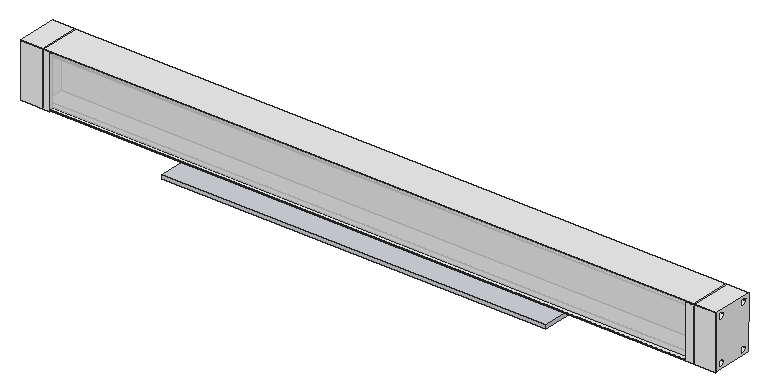
Revit family
Parameters (values of type "WBWLED-B3-MF-500-80-35-S-4-W")
  With Multiple Lamps = Length > 288"  # no
  With Additional Lamp = Length > 144"  # no
  Wattage = 19.2308 W
  built-in parameter 1150110 = 1 (stored number, unit not read)
  Voltage = 120 V
  URL = "http://www.axislighting.com/CMS/itemsDetail_nm_acc_LED.php?187"
  built-in parameter 1114217 = 1 (stored number, unit not read)
  Tilt Angle = 90.00°
  built-in parameter 1150109 = 1 (stored number, unit not read)
  built-in parameter 1150134 = (empty or 0)
  built-in parameter 1150113 = 1 (stored number, unit not read)
  Reflector Finish = Steel - Axis - White Powder Coated
  Product ID = "WBWLED"
  Photometric Web File = "WBWLED-500-80-35-S.ies"
  Partial Optics Length = Optics Length / 2  # 12 63/64"
  Other = ""
  Optics Length = if(Length < 300", (Fixture Length - Connector Length) / Optics Configuration, (Fixture Length - (Connector Length * Connector Configuration)) / Optics Configuration)  # 25 31/32"
  Optics Finish = Acrylic - Axis - Satin
  Optics Configuration = if(Length < 300", 2, if(Length < 444", 3, if(Length < 588", 4, 2)))  # 2
  Number of Lamps = Length / 12"  # 4
  Mounting Distance = 3/8"  # constant formula
  Model = "Wet Beam4 LED"
  Manufacturer = "Axis Lighting"
  built-in parameter 1150105 = 159.15 (stored number, unit not read)
  Lumens = 2000 lm
  built-in parameter 1150115 = 1 (stored number, unit not read)
  built-in parameter 1150137 = (empty or 0)
  built-in parameter 1150139 = (empty or 0)
  Length = 48"
  Lamp Wattage = 5.5 VA
  built-in parameter 1150112 = 1 (stored number, unit not read)
  built-in parameter 1150114 = 1 (stored number, unit not read)
  Lamp Distance = if(Length > 144", Optics Length, Fixture Length)  # 52 5/16"
  Lamp Configuration = if(Length > 432", 3, 2)  # 2
  Lamp = "LED"
  Keynote = "16510"
  built-in parameter 1150132 = 2
  built-in parameter 1150102 = (empty or 0)
  built-in parameter 1150107 = 3500 (stored number, unit not read)
  built-in parameter 1150138 = (empty or 0)
  built-in parameter 1150106 = 1.5915 (stored number, unit not read)
  IC Controls = ""
  Housing Finish = Aluminum - Axis - White
  Has Single Optics = Length < 156"  # yes
  Has Single Connector = and(Length < 300", Length > 144")  # no
  Has Multiple Optics = Length > 144"  # no
  Has Multiple Connectors = Length > 288"  # no
  Fixture Width = 4"  # constant formula
  Fixture Length = Length + 1" + End Cap Length  # 52 5/16"
  Fixture Depth = 3 3/8"  # constant formula
  End Cap Length = 3 5/16"  # constant formula
  built-in parameter 1150104 = 9.6619 (stored number, unit not read)
  Dimming Lamp Color Temperature Shift = (empty or 0)
  Description = "LED Wall Mount Lighting Fixture with Satin Lens"
  Default Elevation = 48"
  Custom = ""
  Connector Length = 3/8"  # constant formula
  Connector Distance = if(Length < 300", (Optics Length / 2) + (Connector Length / 2), Optics Length + (Connector Length / 2))  # 13 11/64"
  Connector Configuration = if(Length < 444", 2, if(Length < 588", 3, 2))  # 2
  Config = 1
  Color Filter = 16777215
  Circuit = 1
  built-in parameter 1114218 = 1 (stored number, unit not read)
  built-in parameter 1150133 = 10 (stored number, unit not read)
  Assembly Code = "D5020200"
  Apparent Load = Lamp Wattage * Number of Lamps  # 22 VA
Types (5): name | Wattage | Partial Optics Length | Optics Length | Number of Lamps | built-in parameter 1150105 | Lumens | Length | Lamp Distance | built-in parameter 1150106 | Fixture Length | Connector Distance | Apparent Load
  (no name) | 19.2308 W | 12 63/64" | 25 31/32" | 4 | 159.15 (stored number, unit not read) | 2000 lm | 48" | 52 5/16" | 1.5915 (stored number, unit not read) | 52 5/16" | 13 11/64" | 22 VA
  WBWLED-B3-MF-500-80-35-S-2-W | 9.61538 W | 6 63/64" | 13 31/32" | 2 | 79.577 (stored number, unit not read) | 1000 lm | 24" | 28 5/16" | 0.79577 (stored number, unit not read) | 28 5/16" | 7 11/64" | 11 VA
  WBWLED-B3-MF-500-80-35-S-3-W | 14.4231 W | 9 63/64" | 19 31/32" | 3 | 119.37 (stored number, unit not read) | 1500 lm | 36" | 40 5/16" | 1.1937 (stored number, unit not read) | 40 5/16" | 10 11/64" | 16.5 VA
  WBWLED-B3-MF-500-80-35-S-4-W | 19.2308 W | 12 63/64" | 25 31/32" | 4 | 159.15 (stored number, unit not read) | 2000 lm | 48" | 52 5/16" | 1.5915 (stored number, unit not read) | 52 5/16" | 13 11/64" | 22 VA
  WBWLED-B3-MF-500-80-35-S-5-W | 24.0385 W | 15 63/64" | 31 31/32" | 5 | 198.94 (stored number, unit not read) | 2500 lm | 60" | 64 5/16" | 1.9894 (stored number, unit not read) | 64 5/16" | 16 11/64" | 27.5 VA
Reference planes (in)
  plane 1 "Center (Front/Back)": y = 0
  plane 2: z = 0
  plane 3 "Center (Left/Right)": x = 0
  plane 4 "Fixture Length Total Left": x = -26.15625
  plane 5 "Fixture Length Total Right": x = 26.15625
  plane 6: z = 0.375
  plane 7: x = -13.17187
  plane 8: x = 13.17188
  plane 9: x = -24.5
  plane 10: x = 24.5
  plane 11: x = 23.5
  plane 12: x = -23.5
  plane 13: x = -0.1875
  plane 14: x = 0.1875
  plane 15: x = -12.98437
  plane 16: x = 12.98438
  plane 17: x = -26.15625
  plane 18: x = 26.15625
  plane 19: x = 0
  plane 20: x = 26.15625
  plane 21: x = -26.15625
  plane 22: x = 0
  plane 23: x = -51.65625
  plane 24: x = 26.53125
  plane 25: x = 26.34375
  plane 26: x = 78.84375
  plane 27: x = 52.6875
  plane 28: x = 79.21875
  plane 29: x = 79.03125
  plane 30: x = -26.34375
  plane 31: x = -26.53125
  plane 32: z = 4.375
  plane 33: z = 2.375
  plane 34: y = -3.375
  plane 35: y = -2.35938
  plane 36: y = -0.91406
Forms (in)
  Extrusion 1, solid
    sketch origin (0, 0, 0) x (1, 0, 0) y (0, 1, 0)
      loop
        line (-14.4375, 4.70508) -> (-14.4375, -4.70508) -> (14.4375, -4.70508) -> (14.4375, 4.70508) -> (-14.4375, 4.70508)
    from 0 to -0.25
Dimensions and locks (in)
  "Fixture Length": plane 4 "Fixture Length Total Left" to plane 5 "Fixture Length Total Right"
  equal spacing: plane 4 "Fixture Length Total Left", plane 3 "Center (Left/Right)", plane 5 "Fixture Length Total Right"
  "Mounting Distance": plane 6 to plane 2
  "Partial Optics Length": plane 4 "Fixture Length Total Left" to plane 7
  "Partial Optics Length": plane 8 to plane 5 "Fixture Length Total Right"
  locked: plane 4 "Fixture Length Total Left" to plane 9 at 1.65625
  locked: plane 10 to plane 5 "Fixture Length Total Right" at 1.65625
  locked: plane 9 to plane 12 at 1
  locked: plane 11 to plane 10 at 1
  "Connector Length": plane 13 to plane 14
  equal spacing: plane 13, plane 3 "Center (Left/Right)", plane 14
  "Connector Distance": plane 4 "Fixture Length Total Left" to plane 15
  "Connector Distance": plane 16 to plane 5 "Fixture Length Total Right"
  group 1 to group 2 = 26 11/32"
  group 1 to group 2 = 0"  (x2)
  "Lamp Distance": plane 17 to plane 18
  equal spacing: plane 17, plane 19, plane 18
  "Lamp Distance": plane 20 to plane 21
  equal spacing: plane 20, plane 22, plane 21
  "Connector Length": plane 18 to plane 24
  equal spacing: plane 18, plane 25, plane 24
  "Connector Length": plane 26 to plane 28
  equal spacing: plane 26, plane 29, plane 28
  "Lamp Distance": plane 24 to plane 26
  equal spacing: plane 24, plane 27, plane 26
  "Connector Length": plane 31 to plane 21
  equal spacing: plane 31, plane 30, plane 21
  group 3 to group 4 = 52 11/16"
  group 3 to group 4 = 0"  (x2)
  "Fixture Width": plane 32 to plane 6
  equal spacing: plane 32, plane 33, plane 6
  "Fixture Depth": plane 1 "Center (Front/Back)" to plane 34
  locked: plane 35 to plane 34 at 1.01562
  locked: plane 1 "Center (Front/Back)" to plane 36 at 0.91406
  group 6 to group 5 = 25 31/32"
  group 5 to group 6 = 0"  (x2)
  aligned and locked: plane 2 to Extrusion 1
  aligned and locked: level to Extrusion 1
  aligned and locked: plane 1 "Center (Front/Back)" to nested 1
  aligned and locked: plane 3 "Center (Left/Right)" to nested 1
  aligned and locked: plane 1 "Center (Front/Back)" to nested 2
  aligned and locked: plane 7 to nested 2
  aligned and locked: plane 3 "Center (Left/Right)" to nested 3
  aligned and locked: plane 8 to nested 4
  aligned and locked: plane 1 "Center (Front/Back)" to nested 4
  aligned and locked: plane 17 to plane 4 "Fixture Length Total Left"
  aligned and locked: plane 5 "Fixture Length Total Right" to plane 20
  aligned and locked: plane 19 to imposter light
  aligned and locked: nested 5 to plane 22
  aligned and locked: nested 6 to plane 22
  aligned and locked: plane 27 to nested 7
  aligned and locked: plane 35 to imposter light
  aligned and locked: imposter light to plane 33
  aligned and locked: plane 35 to nested 6
  aligned and locked: plane 35 to nested 7
  aligned and locked: plane 33 to nested 7
  aligned and locked: plane 33 to nested 6
  aligned and locked: plane 33 to nested 3
  aligned and locked: nested 3 to plane 36
  aligned and locked: nested 8 to plane 16
  aligned and locked: plane 33 to nested 8
  aligned and locked: nested 8 to plane 36
  aligned and locked: plane 15 to nested 9
  aligned and locked: plane 33 to nested 9
  aligned and locked: nested 9 to plane 36
  aligned and locked: level to nested 10
  aligned and locked: nested 10 to plane 3 "Center (Left/Right)"
Automatic sketch dimensions
  Extrusion 1 sketch curve to Extrusion 1 sketch curve = 28 7/8"
  Extrusion 1 sketch curve to Extrusion 1 sketch curve = 9 105/256"
Nested families (in)
  nested 1: "WBWLED" at (0, 0, 0), visible <- "Has Single Optics", type "Single"
    with Length 52 5/16"
  nested 2: "WBWLED" at (-13.17188, 0, 0), visible <- "Has Multiple Optics", type "Array"
    with Length 25 31/32"
  nested 3: "WBWLED-Connector" at (0, -1.84531, 2.375), visible <- "Has Single Connector", type "Single"
  nested 4: "WBWLED" at (13.17187, 0, 0), visible <- "Has Multiple Optics", type "Array"
    with Length 25 31/32"
  nested 5: "WBWLED-Light" at (0, 0, 0), visible <- "With Additional Lamp", type "Light Additional"
  nested 6: "WBWLED-Light" at (0, -0.375, 0), visible <- "With Multiple Lamps", type "Multiple"
  nested 7: "WBWLED-Light" at (52.6875, -0.375, 0), visible <- "With Multiple Lamps", type "Multiple"
  nested 8: "WBWLED-Connector" at (12.98438, -1.84531, 2.375), visible <- "Has Multiple Connectors", type "Array"
  nested 9: "WBWLED-Connector" at (-12.98438, -1.84531, 2.375), visible <- "Has Multiple Connectors", type "Array"
  nested 10: "Lighting-Wall-Axis-Symbol" at (0, 0, 0.57422) x (-1, 0, 0) z (0, -1, 0), type "Lighting-Wall-Axis-Symbol"
    with Length 52 5/16"
Connectors (in)
  electrical at (0, 0, 2.375), driven by "Voltage", driven by "Apparent Load"
    settings: on nested 1, index 1, voltage 120 V, apparent load 0 VA, apparent load phase1 22 VA, apparent load phase2 0 VA, apparent load phase3 0 VA, power factor 1, load classification "Lighting", number of poles 1, system type 31, power factor state 1, is connector primary yes, connector utility no, sub classification motor no, connector description "Lighting Fixture Power"
Definition of nested family "WBWLED"
  Parameters (values of type "Single")
    Width = 4"
    Reflector = Steel - Axis - White Powder Coated
    Optics = Acrylic - Axis - Frosted
    Mounting Distance = 3/8"
    Length = 580 5/16"
    Housing = Aluminum - Axis - White
    Assembly Code = ""
  Types (2): name | Length
    Single | 580 5/16"
    Array | 144 51/64"
  Reference planes (in)
    plane 1 "Center (Front/Back)": y = 0
    plane 2: z = 0
    plane 3 "Center (Left/Right)": x = 0
    plane 4: x = -290.15625
    plane 5: x = 290.15625
    plane 6 "Fixrure Top": z = 0.375
    plane 7: x = -288.5
    plane 8: x = 288.5
    plane 9: x = -288.6625
    plane 10: x = 288.6625
    plane 11: x = -287.94
    plane 12: x = 287.94
    plane 13: x = -287.5
    plane 14: x = 287.5
    plane 15: y = -3.375
    plane 16: y = -3.40625
    plane 17: y = -0.3125
    plane 18: z = 4.375
    plane 19: z = 2.375
    plane 20: y = -1.70313
    plane 21: z = 2.83914
    plane 22: z = 1.91086
    plane 23: x = -284.15625
    plane 24: x = 284.15625
    plane 25: x = -285.03125
    plane 26: x = -283.28125
    plane 27: x = 283.28125
    plane 28: x = 285.03125
    plane 29: x = -289.65625
    plane 30: x = 289.65625
  Forms (in)
    Extrusion 1, solid, material "Aluminum - Axis - White" <- "Housing"
      sketch origin (0, 0, 0) x (0, 1, 0) y (0, 0, 1)
        loop
          line (-0.3125, 4.375) -> (-3.375, 4.375) -> (-3.375, 4.305) -> (-0.3825, 4.305) -> (-0.3825, 2.76914) -> (-0.07, 2.76914) -> (-0.07, 1.98086) -> (-0.3825, 1.98086) -> (-0.3825, 0.445) -> (-3.375, 0.445) -> (-3.375, 0.375) -> (-0.3125, 0.375) -> (-0.3125, 1.91086) -> (0, 1.91086) -> (0, 2.83914) -> (-0.3125, 2.83914) -> (-0.3125, 4.375)
      from -288.5 to 288.5
    Extrusion 2, solid, material "Aluminum - Axis - White" <- "Housing"
      sketch origin (0, 0, 0) x (0, 1, 0) y (0, 0, 1)
        loop
          line (-0.3125, 4.375) -> (-3.375, 4.375) -> (-3.375, 0.375) -> (-0.3125, 0.375) -> (-0.3125, 4.375)
      from -290.15625 to -288.5
    Extrusion 3, solid, material "Aluminum - Axis - White" <- "Housing"
      sketch origin (0, 0, 0) x (0, 1, 0) y (0, 0, 1)
        loop
          line (-0.3125, 4.375) -> (-3.375, 4.375) -> (-3.375, 0.375) -> (-0.3125, 0.375) -> (-0.3125, 4.375)
      from 288.5 to 290.15625
    Extrusion 4, solid, material "Aluminum - Axis - White" <- "Housing"
      sketch origin (0, 0, 0) x (0, 1, 0) y (0, 0, 1)
        loop
          line (0, 2.83914) -> (-0.3125, 2.83914) -> (-0.3125, 1.91086) -> (0, 1.91086) -> (0, 2.83914)
      from -288.6625 to -288.5
    Extrusion 5, solid, material "Aluminum - Axis - White" <- "Housing"
      sketch origin (0, 0, 0) x (0, 1, 0) y (0, 0, 1)
        loop
          line (0, 2.83914) -> (-0.3125, 2.83914) -> (-0.3125, 1.91086) -> (0, 1.91086) -> (0, 2.83914)
      from 288.5 to 288.6625
    Extrusion 6, solid, material "Aluminum - Axis - White" <- "Housing"
      sketch origin (0, 0, 0) x (0, 1, 0) y (0, 0, 1)
        loop
          line (-3.375, 4.375) -> (-3.40625, 4.375) -> (-3.40625, 0.375) -> (-3.375, 0.375) -> (-3.375, 4.375)
      from -290.15625 to -287.94
    Extrusion 7, solid, material "Aluminum - Axis - White" <- "Housing"
      sketch origin (0, 0, 0) x (0, 1, 0) y (0, 0, 1)
        loop
          line (-3.375, 4.375) -> (-3.40625, 4.375) -> (-3.40625, 0.375) -> (-3.375, 0.375) -> (-3.375, 4.375)
      from 287.94 to 290.15625
    Extrusion 8, solid, material "Aluminum - Axis - White" <- "Housing"
      sketch origin (0, 0, 0) x (0, 1, 0) y (0, 0, 1)
        loop
          line (-3.375, 4.305) -> (-3.375, 0.445) -> (-3.19041, 0.445) -> (-3.19041, 4.305) -> (-3.375, 4.305)
      from -288.5 to -287.94
    Extrusion 9, solid, material "Aluminum - Axis - White" <- "Housing"
      sketch origin (0, 0, 0) x (0, 1, 0) y (0, 0, 1)
        loop
          line (-3.375, 4.305) -> (-3.375, 0.445) -> (-3.19041, 0.445) -> (-3.19041, 4.305) -> (-3.375, 4.305)
      from 287.94 to 288.5
    Extrusion 10, solid, material "Steel - Axis - White Powder Coated" <- "Reflector", detail levels medium+fine
      sketch origin (0, 0, 0) x (0, 1, 0) y (0, 0, 1)
        loop
          line (-1.64436, 3.915) -> (-1.64436, 0.835) -> (-3.06436, 0.835) -> (-3.06436, 0.80375) -> (-1.61311, 0.80375) -> (-1.61311, 3.94625) -> (-3.06436, 3.94625) -> (-3.06436, 3.915) -> (-1.64436, 3.915)
      from -288.5 to 288.5
    Extrusion 11, solid, material "Acrylic - Axis - Frosted" <- "Optics", detail levels medium+fine
      sketch origin (0, 0, 0) x (0, 1, 0) y (0, 0, 1)
        loop
          line (-3.06436, 0.445) -> (-3.06436, 4.305) -> (-3.13936, 4.305) -> (-3.13936, 0.445) -> (-3.06436, 0.445)
      from -288.5 to 288.5
    Extrusion 12, solid, material "Aluminum - Axis - White" <- "Housing"
      sketch origin (0, 0, 0) x (0, 1, 0) y (0, 0, 1)
        loop
          line (-2.4925, 0.375) -> (-2.4925, 0) -> (0.0675, 0) -> (0.0675, 3.13)
          arc (0.0675, 3.13) -> (0.03235, 3.21485) -> (-0.0525, 3.25) r 0.12
          line (-0.0525, 3.25) -> (-0.3125, 3.25) -> (-0.3125, 2.83914) -> (0, 2.83914) -> (0, 1.91086) -> (-0.3125, 1.91086) -> (-0.3125, 0.375) -> (-2.4925, 0.375)
      from -285.03125 to -283.28125
    Extrusion 13, solid, material "Aluminum - Axis - White" <- "Housing"
      sketch origin (0, 0, 0) x (0, 1, 0) y (0, 0, 1)
        loop
          line (-2.4925, 0.375) -> (-2.4925, 0) -> (0.0675, 0) -> (0.0675, 3.13)
          arc (0.0675, 3.13) -> (0.03235, 3.21485) -> (-0.0525, 3.25) r 0.12
          line (-0.0525, 3.25) -> (-0.3125, 3.25) -> (-0.3125, 2.83914) -> (0, 2.83914) -> (0, 1.91086) -> (-0.3125, 1.91086) -> (-0.3125, 0.375) -> (-2.4925, 0.375)
      from 283.28125 to 285.03125
    Extrusion 14, void
      sketch origin (0, 0, 0) x (0, 1, 0) y (0, 0, 1)
        loop
          circle (-0.8125, 0.775) r 0.25
        loop
          circle (-0.8125, 3.975) r 0.25
        loop
          circle (-2.875, 0.775) r 0.25
        loop
          circle (-2.875, 3.975) r 0.25
      from -290.15625 to -289.65625
    Extrusion 15, void
      sketch origin (0, 0, 0) x (0, 1, 0) y (0, 0, -1)
        loop
          circle (-0.8125, -0.775) r 0.25
        loop
          circle (-0.8125, -3.975) r 0.25
        loop
          circle (-2.875, -0.775) r 0.25
        loop
          circle (-2.875, -3.975) r 0.25
      from -290.15625 to -289.65625
  Cuts and joins
    joined: Extrusion 6, Extrusion 8
    joined: Extrusion 7, Extrusion 9
    Extrusion 14 cuts Extrusion 1
    Extrusion 14, Extrusion 15 cuts Extrusion 3
    Extrusion 14 cuts Extrusion 13
    Extrusion 14, Extrusion 15 cuts Extrusion 2
  Lines and regions (in)
    model lines
      curve 1: line (0, -0.8125, 0.775) -> (0, -0.8125, 0.375)
      curve 2: line (0, -0.3125, 0.775) -> (0, -0.8125, 0.775)
      curve 3: line (0, -0.3125, 0.375) -> (0, -0.3125, 0.775)
      curve 4: line (0, -0.8125, 0.375) -> (0, -0.3125, 0.375)
  Dimensions and locks (in)
    "Length": plane 4 to plane 5
    equal spacing: plane 4, plane 3 "Center (Left/Right)", plane 5
    "Mounting Distance": plane 6 "Fixrure Top" to plane 2
    locked: plane 4 to plane 7 at 1.65625
    locked: plane 8 to plane 5 at 1.65625
    locked: plane 9 to plane 7 at 0.1625
    locked: plane 8 to plane 10 at 0.1625
    locked: plane 7 to plane 11 at 0.56
    locked: plane 12 to plane 8 at 0.56
    locked: plane 7 to plane 13 at 1
    locked: plane 14 to plane 8 at 1
    locked: plane 18 to plane 6 "Fixrure Top" at 4
    equal spacing: plane 18, plane 19, plane 6 "Fixrure Top"
    locked: plane 1 "Center (Front/Back)" to plane 15 at 3.375
    locked: plane 1 "Center (Front/Back)" to plane 17 at 0.3125
    locked: plane 15 to plane 16 at 0.03125
    locked: plane 1 "Center (Front/Back)" to Extrusion 1 sketch curve at 0.07
    locked: plane 17 to Extrusion 1 sketch curve at 0.07
    locked: plane 18 to Extrusion 1 sketch curve at 0.07
    locked: Extrusion 1 sketch curve to plane 6 "Fixrure Top" at 0.07
    locked: Extrusion 8 sketch curve to plane 6 "Fixrure Top" at 0.07
    locked: plane 18 to Extrusion 8 sketch curve at 0.07
    locked: Extrusion 8 sketch curve to plane 15 at 0.18459
    locked: plane 18 to Extrusion 9 sketch curve at 0.07
    locked: Extrusion 9 sketch curve to plane 6 "Fixrure Top" at 0.07
    locked: Extrusion 9 sketch curve to plane 15 at 0.18459
    locked: Extrusion 10 sketch curve to Extrusion 10 sketch curve at 3.1425
    equal spacing: Extrusion 10 sketch curve, plane 19, Extrusion 10 sketch curve
    locked: Extrusion 10 sketch curve to Extrusion 10 sketch curve at 0.03125  (x2)
    plane 1 "Center (Front/Back)" to Extrusion 10 sketch curve to Extrusion 10 sketch curve to Extrusion 10 sketch curve = 1.61311" locked, 1/32" locked, 1.42" locked
    locked: plane 21 to plane 22 at 0.92828
    equal spacing: plane 21, plane 19, plane 22
    locked: Extrusion 11 sketch curve to plane 2 at 0.445
    locked: plane 18 to Extrusion 11 sketch curve at 0.07
    plane 1 "Center (Front/Back)" to Extrusion 11 sketch curve to Extrusion 11 sketch curve = 3.06436" locked, 0.075" locked
    locked: plane 4 to plane 23 at 6
    locked: plane 24 to plane 5 at 6
    Extrusion 12 sketch curve to plane 1 "Center (Front/Back)" to Extrusion 12 sketch curve = 0.0675" locked, 2.4925" locked
    Extrusion 12 sketch curve to Extrusion 12 sketch curve to plane 2 = 0.12" locked, 3.13" locked
    locked: plane 1 "Center (Front/Back)" to Extrusion 12 sketch curve at 0.0525
    Extrusion 13 sketch curve to plane 1 "Center (Front/Back)" to Extrusion 13 sketch curve = 0.0675" locked, 2.4925" locked
    Extrusion 13 sketch curve to Extrusion 13 sketch curve to plane 2 = 0.12" locked, 3.13" locked
    locked: plane 1 "Center (Front/Back)" to Extrusion 13 sketch curve at 0.0525
    locked: plane 25 to plane 26 at 1.75
    equal spacing: plane 25, plane 23, plane 26
    locked: plane 27 to plane 28 at 1.75
    equal spacing: plane 27, plane 24, plane 28
    locked: Extrusion 14 sketch curve to plane 6 "Fixrure Top" at 0.4  (x2)
    locked: plane 17 to Extrusion 14 sketch curve at 0.5  (x2)
    locked: Extrusion 14 sketch curve to plane 6 "Fixrure Top" at 0.65  (x2)
    locked: plane 4 to plane 29 at 0.5
    locked: plane 30 to plane 5 at 0.5
    locked: plane 18 to Extrusion 14 sketch curve at 0.4  (x2)
    locked: plane 18 to Extrusion 14 sketch curve at 0.65  (x2)
    locked: Extrusion 14 sketch curve to plane 15 at 0.5  (x2)
    locked: Extrusion 15 sketch curve to plane 6 "Fixrure Top" at 0.4  (x2)
    locked: plane 18 to Extrusion 15 sketch curve at 0.4  (x2)
    locked: Extrusion 15 sketch curve to plane 17 at 0.5  (x2)
    locked: plane 15 to Extrusion 15 sketch curve at 0.5  (x2)
    locked: plane 18 to Extrusion 15 sketch curve at 0.65  (x2)
    locked: Extrusion 15 sketch curve to plane 6 "Fixrure Top" at 0.65  (x2)
    aligned and locked: plane 2 to level
    aligned and locked: plane 18 to Extrusion 1 sketch curve
    aligned and locked: plane 17 to Extrusion 1 sketch curve
    aligned and locked: plane 1 "Center (Front/Back)" to Extrusion 1 sketch curve
    aligned and locked: plane 6 "Fixrure Top" to Extrusion 1 sketch curve
    aligned and locked: plane 15 to Extrusion 1 sketch curve
    aligned and locked: Extrusion 1 sketch curve to plane 17
    aligned and locked: Extrusion 1 sketch curve to plane 15
    aligned and locked: Extrusion 1 sketch curve to Extrusion 1 sketch curve
    aligned and locked: Extrusion 1 to plane 7
    aligned and locked: Extrusion 1 to plane 8
    aligned and locked: plane 17 to Extrusion 2 sketch curve
    aligned and locked: plane 18 to Extrusion 2 sketch curve
    aligned and locked: plane 6 "Fixrure Top" to Extrusion 2 sketch curve
    aligned and locked: plane 15 to Extrusion 2 sketch curve
    aligned and locked: Extrusion 2 to plane 4
    aligned and locked: plane 7 to Extrusion 2
    aligned and locked: plane 17 to Extrusion 3 sketch curve
    aligned and locked: plane 6 "Fixrure Top" to Extrusion 3 sketch curve
    aligned and locked: plane 15 to Extrusion 3 sketch curve
    aligned and locked: plane 18 to Extrusion 3 sketch curve
    aligned and locked: plane 8 to Extrusion 3
    aligned and locked: plane 5 to Extrusion 3
    aligned and locked: plane 1 "Center (Front/Back)" to Extrusion 4 sketch curve
    aligned and locked: plane 17 to Extrusion 4 sketch curve
    aligned and locked: plane 7 to Extrusion 4
    aligned and locked: Extrusion 4 to plane 9
    aligned and locked: plane 1 "Center (Front/Back)" to Extrusion 5 sketch curve
    aligned and locked: plane 17 to Extrusion 5 sketch curve
    aligned and locked: plane 8 to Extrusion 5
    aligned and locked: Extrusion 5 to plane 10
    aligned and locked: plane 15 to Extrusion 6 sketch curve
    aligned and locked: plane 6 "Fixrure Top" to Extrusion 6 sketch curve
    aligned and locked: plane 16 to Extrusion 6 sketch curve
    aligned and locked: plane 18 to Extrusion 6 sketch curve
    aligned and locked: Extrusion 6 to plane 4
    aligned and locked: plane 11 to Extrusion 6
    aligned and locked: plane 15 to Extrusion 7 sketch curve
    aligned and locked: plane 16 to Extrusion 7 sketch curve
    aligned and locked: plane 6 "Fixrure Top" to Extrusion 7 sketch curve
    aligned and locked: plane 18 to Extrusion 7 sketch curve
    aligned and locked: plane 5 to Extrusion 7
    aligned and locked: Extrusion 7 to plane 12
    aligned and locked: plane 15 to Extrusion 8 sketch curve
    aligned and locked: Extrusion 8 to plane 7
    aligned and locked: plane 11 to Extrusion 8
    aligned and locked: plane 15 to Extrusion 9 sketch curve
    aligned and locked: Extrusion 9 to plane 12
    aligned and locked: Extrusion 9 to plane 8
    aligned and locked: Extrusion 10 sketch curve to Extrusion 10 sketch curve
    aligned and locked: Extrusion 10 to plane 7
    aligned and locked: Extrusion 10 to plane 8
    aligned and locked: Extrusion 11 to plane 7
    aligned: plane 12 to Extrusion 11
    aligned and locked: Extrusion 11 to plane 8
    aligned and locked: plane 6 "Fixrure Top" to Extrusion 12 sketch curve
    aligned and locked: plane 17 to Extrusion 12 sketch curve
    aligned and locked: plane 21 to Extrusion 12 sketch curve
    aligned and locked: plane 22 to Extrusion 12 sketch curve
    aligned and locked: plane 1 "Center (Front/Back)" to Extrusion 12 sketch curve
    aligned and locked: plane 26 to Extrusion 12
    aligned and locked: Extrusion 12 to plane 25
    aligned and locked: Extrusion 12 sketch curve to plane 2
    aligned and locked: Extrusion 13 to plane 27
    aligned and locked: plane 28 to Extrusion 13
    aligned and locked: Extrusion 13 sketch curve to plane 6 "Fixrure Top"
    aligned and locked: Extrusion 13 sketch curve to plane 2
    aligned and locked: Extrusion 13 sketch curve to plane 17  (x2)
    aligned and locked: Extrusion 13 sketch curve to plane 22
    aligned and locked: Extrusion 13 sketch curve to plane 21
    aligned and locked: Extrusion 13 sketch curve to plane 1 "Center (Front/Back)"
    aligned and locked: Extrusion 12 sketch curve to plane 17
    aligned and locked: plane 29 to Extrusion 14
    aligned and locked: Extrusion 14 to plane 4
    aligned and locked: cut or joined group of Extrusion 3, Extrusion 14, Extrusion 15 to plane 30
    aligned and locked: plane 5 to cut or joined group of Extrusion 3, Extrusion 14, Extrusion 15
  Automatic sketch dimensions
    Extrusion 1 sketch curve to plane 17 = 0"
    Extrusion 1 sketch curve to plane 22 = 0"
    Extrusion 1 sketch curve to plane 21 = 0"
    plane 22 to Extrusion 1 sketch curve = 0.07"
    Extrusion 1 sketch curve to plane 21 = 0.07"
    Extrusion 4 sketch curve to plane 22 = 0"
    Extrusion 4 sketch curve to plane 21 = 0"
    Extrusion 5 sketch curve to plane 22 = 0"
    Extrusion 5 sketch curve to plane 21 = 0"
    curve 1 to plane 6 "Fixrure Top" = 0"
    curve 3 to plane 17 = 0"
    curve 1 to curve 2 = 1/2"
    curve 3 to curve 3 = 0.4"
Definition of nested family "WBWLED-Connector"
  Parameters (values of type "Array")
    Housing = Aluminum - Axis - White
    Assembly Code = ""
  Types (2): name
    Single
    Array
  Reference planes (in)
    plane 1 "Center (Front/Back)": y = 0
    plane 2 "Connector Center": z = 0
    plane 3 "Center (Left/Right)": x = 0
    plane 4: y = -0.93125
    plane 5: y = 0.93125
    plane 6: z = 1.4
    plane 7: z = -1.4
    plane 8: x = -0.1875
    plane 9: x = 0.1875
  Forms (in)
    Extrusion 1, solid, material "Aluminum - Axis - White" <- "Housing"
      sketch origin (0, 0, 0) x (0, 1, 0) y (0, 0, 1)
        loop
          line (0.93125, 1.4) -> (-0.93125, 1.4) -> (-0.93125, -1.4) -> (0.93125, -1.4) -> (0.93125, 1.4)
        loop
          line (0.86125, -1.33) -> (0.86125, 1.33) -> (-0.86125, 1.33) -> (-0.86125, -1.33) -> (0.86125, -1.33)
      from -0.1875 to 0.1875
  Dimensions and locks (in)
    locked: plane 5 to plane 4 at 1.8625
    equal spacing: plane 5, plane 1 "Center (Front/Back)", plane 4
    locked: plane 6 to plane 7 at 2.8
    equal spacing: plane 6, plane 2 "Connector Center", plane 7
    locked: plane 8 to plane 9 at 0.375
    equal spacing: plane 8, plane 3 "Center (Left/Right)", plane 9
    locked: plane 5 to Extrusion 1 sketch curve at 0.07
    locked: Extrusion 1 sketch curve to plane 4 at 0.07
    locked: Extrusion 1 sketch curve to plane 7 at 0.07
    locked: plane 6 to Extrusion 1 sketch curve at 0.07
    aligned and locked: plane 2 "Connector Center" to level
    aligned and locked: plane 6 to Extrusion 1 sketch curve
    aligned and locked: plane 4 to Extrusion 1 sketch curve
    aligned and locked: plane 5 to Extrusion 1 sketch curve
    aligned and locked: plane 7 to Extrusion 1 sketch curve
    aligned and locked: Extrusion 1 to plane 8
    aligned and locked: Extrusion 1 to plane 9
Definition of nested family "WBWLED-Light"
  Parameters (values of type "Light Additional")
    Wattage = 19.2308 W
    built-in parameter 1150110 = 1 (stored number, unit not read)
    built-in parameter 1114217 = 1 (stored number, unit not read)
    Tilt Angle = 90.00°
    built-in parameter 1150109 = 1 (stored number, unit not read)
    built-in parameter 1150134 = (empty or 0)
    built-in parameter 1150113 = 1 (stored number, unit not read)
    Photometric Web File = "WBWLED-500-80-35-S.ies"
    Mounting Distance = 3/8"
    built-in parameter 1150105 = 159.15 (stored number, unit not read)
    Lumens = 2000 lm
    built-in parameter 1150115 = 1 (stored number, unit not read)
    built-in parameter 1150137 = (empty or 0)
    built-in parameter 1150139 = (empty or 0)
    built-in parameter 1150112 = 1 (stored number, unit not read)
    built-in parameter 1150114 = 1 (stored number, unit not read)
    built-in parameter 1150132 = 2
    built-in parameter 1150102 = (empty or 0)
    built-in parameter 1150107 = 3500 (stored number, unit not read)
    built-in parameter 1150138 = (empty or 0)
    built-in parameter 1150106 = 1.5915 (stored number, unit not read)
    Fixture Width = 4"
    Fixture Depth = 3 3/8"
    built-in parameter 1150104 = 9.6619 (stored number, unit not read)
    Dimming Lamp Color Temperature Shift = (empty or 0)
    Default Elevation = 48"
    Color Filter = 16777215
    built-in parameter 1114218 = 1 (stored number, unit not read)
    built-in parameter 1150133 = 10 (stored number, unit not read)
    Assembly Code = ""
  Types (2): name | Photometric Web File | Fixture Depth
    Light Additional | "WBWLED-500-80-35-S.ies" | 3 3/8"
    Multiple | "WBSLED-500-80-35-S.ies" | 3"
  Reference planes (in)
    plane 1 "Center (Front/Back)": y = 0
    plane 2: z = 0
    plane 3 "Center (Left/Right)": x = 0
    plane 4: z = 0.375
    plane 5: z = 4.375
    plane 6: z = 2.375
    plane 7: y = -3.375
    plane 8: y = -2.35938
  Forms (in)
    Extrusion 1, solid
      sketch origin (0, 0, 0) x (1, 0, 0) y (0, 1, 0)
        loop
          line (-48, 48) -> (-48, -48) -> (48, -48) -> (48, 48) -> (-48, 48)
      from 0 to -12
  Dimensions and locks (in)
    "Mounting Distance": plane 4 to level
    "Fixture Width": plane 5 to plane 4
    equal spacing: plane 5, plane 6, plane 4
    "Fixture Depth": plane 1 "Center (Front/Back)" to plane 7
    plane 8 to plane 7 = 1 1/64"
    aligned and locked: plane 2 to Extrusion 1
    aligned and locked: level to Extrusion 1
    aligned and locked: plane 3 "Center (Left/Right)" to imposter light
    aligned and locked: imposter light to plane 6
    aligned and locked: imposter light to plane 8
  Automatic sketch dimensions
    Extrusion 1 sketch curve to Extrusion 1 sketch curve = 96"  (x2)
Definition of nested family "Lighting-Wall-Axis-Symbol"
  Parameters (values of type "Lighting-Wall-Axis-Symbol")
    Width = 4"
    Length = 27 1/16"
    Assembly Code = ""
  Reference planes (in)
    plane 1 "Center (Front/Back)": y = 0
    plane 2: z = 0
    plane 3 "Center (Left/Right)": x = 0
    plane 4: x = -2
    plane 5: x = 2
    plane 6: y = 2.07422
    plane 7: y = 0.57422
    plane 8: y = -1.42578
  Lines and regions (in)
    Masking region 1, in view "Ref. Level"
      outline origin (0, -1.42578, 0) x (1, 0, 0) y (0, 1, 0)
        loop
          line (-13.53125, -4) -> (13.53125, -4) -> (13.53125, 0) -> (-13.53125, 0) -> (-13.53125, -4)
    detail lines, style "Wall-Mounted Lights", in view "Ref. Level"
      curve 1: line (-2, 0.57422, 0) -> (2, 0.57422, 0)
      curve 5: line (-13.53125, -1.42578, 0) -> (13.53125, -1.42578, 0)
      curve 6: line (0, -1.42578, 0) -> (0, 0.57422, 0)
    detail lines, style "Wall-Mounted Lights", in view "Ref. Level", detail levels coarse+medium
      curve 2: line (-13.53125, -5.42578, 0) -> (-13.53125, -1.42578, 0)
      curve 3: line (13.53125, -5.42578, 0) -> (-13.53125, -5.42578, 0)
      curve 4: line (13.53125, -1.42578, 0) -> (13.53125, -5.42578, 0)
  Dimensions and locks (in)
    "Length": curve 2 to curve 4
    equal spacing: curve 2, plane 3 "Center (Left/Right)", curve 4
    plane 4 to plane 3 "Center (Left/Right)" to plane 5 = 2" locked, 2" locked
    "Width": curve 5 to curve 3
    locked: curve 5 to plane 1 "Center (Front/Back)" at 1.42578
    locked: plane 1 "Center (Front/Back)" to plane 7 at 0.57422
    aligned and locked: plane 3 "Center (Left/Right)" to curve 6
    aligned and locked: Masking region 1 sketch curve to curve 3
    aligned and locked: Masking region 1 sketch curve to curve 2
    aligned and locked: Masking region 1 sketch curve to curve 5
    aligned and locked: Masking region 1 sketch curve to curve 4
    aligned and locked: plane 7 to curve 1
  Automatic sketch dimensions
    plane 3 "Center (Left/Right)" to curve 1 = 2"
    curve 1 to plane 3 "Center (Left/Right)" = 2"
